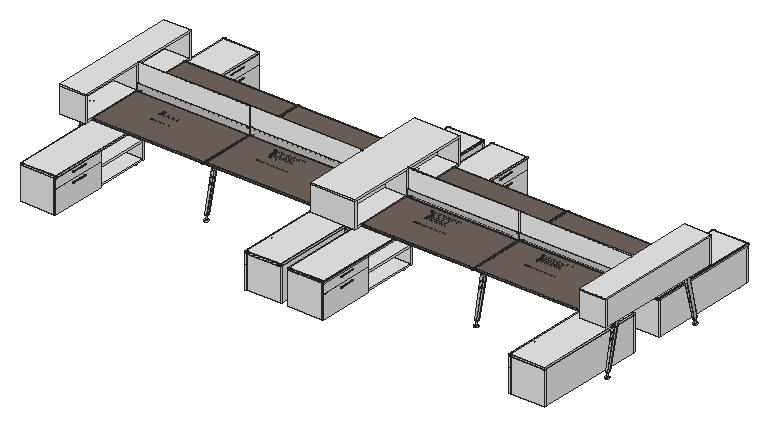
Revit family "T200005", category Furniture, Revit 2015 (continued)
Definition of nested family "OFS_ELEVEN-WORKSPACE_BASES_BENCHING_8-PERSON"
  Automatic sketch dimensions
    Extrusion 46 sketch curve to plane 6 "BASE HEIGHT" = 0.23622"
    Extrusion 46 sketch curve to Extrusion 46 sketch curve = 0.11811"
    Extrusion 46 sketch curve to Extrusion 46 sketch curve = 0.11874"  (x2)
    Extrusion 46 sketch curve to Extrusion 46 sketch curve = 1.24804"
    Extrusion 46 sketch curve to Extrusion 46 sketch curve = 0.00063"
    Extrusion 46 sketch curve to Extrusion 46 sketch curve = 0.23622"
    Extrusion 47 sketch curve to plane 6 "BASE HEIGHT" = 0"
    Extrusion 47 sketch curve to plane 19 = 0"  (x2)
    Extrusion 47 sketch curve to plane 19 = 0.06856"  (x2)
    Extrusion 47 sketch curve to Extrusion 47 sketch curve = 0.07831"  (x2)
    Extrusion 47 sketch curve to Extrusion 47 sketch curve = 0.07203"  (x2)
    Extrusion 47 sketch curve to Extrusion 47 sketch curve = 0.10542"  (x2)
    Extrusion 47 sketch curve to Extrusion 47 sketch curve = 0.19602"  (x2)
    plane 19 to Extrusion 47 sketch curve = 0.2436"  (x2)
    Extrusion 47 sketch curve to plane 6 "BASE HEIGHT" = 0.23622"
    Extrusion 47 sketch curve to Extrusion 47 sketch curve = 0.11811"
    Extrusion 47 sketch curve to Extrusion 47 sketch curve = 0.11874"  (x2)
    Extrusion 47 sketch curve to Extrusion 47 sketch curve = 1.24804"
    Extrusion 47 sketch curve to Extrusion 47 sketch curve = 0.00063"
    Extrusion 47 sketch curve to Extrusion 47 sketch curve = 0.23622"
    Extrusion 48 sketch curve to plane 6 "BASE HEIGHT" = 0"
    Extrusion 48 sketch curve to plane 12 = 0.85595"  (x2)
    Extrusion 48 sketch curve to Extrusion 48 sketch curve = 0.01829"  (x2)
    Extrusion 48 sketch curve to Extrusion 48 sketch curve = 0.10572"  (x2)
    Extrusion 48 sketch curve to Extrusion 48 sketch curve = 0.10902"  (x2)
    Extrusion 48 sketch curve to Extrusion 48 sketch curve = 0.06491"  (x2)
    Extrusion 48 sketch curve to Extrusion 48 sketch curve = 0.06821"  (x5)
    Extrusion 48 sketch curve to Extrusion 48 sketch curve = 0.08212"  (x4)
    plane 12 to Extrusion 48 sketch curve = 0.5134"
    plane 6 "BASE HEIGHT" to Extrusion 48 sketch curve = 0.23622"
    Extrusion 48 sketch curve to Extrusion 48 sketch curve = 0.19221"  (x2)
    Extrusion 48 sketch curve to Extrusion 48 sketch curve = 0.11241"  (x5)
    plane 6 "BASE HEIGHT" to Extrusion 48 sketch curve = 0.34863"
    Extrusion 48 sketch curve to Extrusion 48 sketch curve = 0"  (x2)
    Extrusion 48 sketch curve to Extrusion 48 sketch curve = 1.25499"
    Extrusion 48 sketch curve to Extrusion 48 sketch curve = 0.0057"  (x2)
    Extrusion 48 sketch curve to Extrusion 48 sketch curve = 0.23622"
    Extrusion 49 sketch curve to plane 6 "BASE HEIGHT" = 0"  (x2)
    Extrusion 49 sketch curve to plane 11 = 0.98586"
    Extrusion 49 sketch curve to Extrusion 49 sketch curve = 0.12991"  (x3)
    Extrusion 49 sketch curve to Extrusion 49 sketch curve = 0.01829"  (x2)
    Extrusion 49 sketch curve to plane 6 "BASE HEIGHT" = 0.34863"  (x2)
    Extrusion 49 sketch curve to Extrusion 49 sketch curve = 0.10572"  (x2)
    Extrusion 49 sketch curve to Extrusion 49 sketch curve = 0.10902"  (x2)
    Extrusion 49 sketch curve to Extrusion 49 sketch curve = 0.06821"  (x5)
    Extrusion 49 sketch curve to Extrusion 49 sketch curve = 0.06491"  (x2)
    Extrusion 49 sketch curve to Extrusion 49 sketch curve = 0.08212"  (x4)
    plane 11 to Extrusion 49 sketch curve = 0.5134"
    Extrusion 49 sketch curve to plane 6 "BASE HEIGHT" = 0.23622"
    Extrusion 49 sketch curve to Extrusion 49 sketch curve = 0.19221"  (x2)
    Extrusion 49 sketch curve to Extrusion 49 sketch curve = 0.11241"  (x2)
    Extrusion 49 sketch curve to Extrusion 49 sketch curve = 1.25499"
    Extrusion 49 sketch curve to Extrusion 49 sketch curve = 0"  (x2)
    Extrusion 49 sketch curve to Extrusion 49 sketch curve = 0.0057"  (x2)
    Extrusion 49 sketch curve to Extrusion 49 sketch curve = 0.11811"  (x2)
    Extrusion 49 sketch curve to Extrusion 49 sketch curve = 0.23622"
    Extrusion 49 sketch curve to Extrusion 49 sketch curve = 0.34863"
    Extrusion 50 sketch curve to plane 6 "BASE HEIGHT" = 0"
    plane 11 to Extrusion 50 sketch curve = 0.85595"  (x2)
    Extrusion 50 sketch curve to Extrusion 50 sketch curve = 0.01829"  (x2)
    Extrusion 50 sketch curve to Extrusion 50 sketch curve = 0.10572"  (x2)
    Extrusion 50 sketch curve to Extrusion 50 sketch curve = 0.10902"  (x2)
    Extrusion 50 sketch curve to Extrusion 50 sketch curve = 0.06491"  (x2)
    Extrusion 50 sketch curve to Extrusion 50 sketch curve = 0.06821"  (x5)
    Extrusion 50 sketch curve to Extrusion 50 sketch curve = 0.08212"  (x4)
    Extrusion 50 sketch curve to plane 11 = 0.5134"
    plane 6 "BASE HEIGHT" to Extrusion 50 sketch curve = 0.23622"
    Extrusion 50 sketch curve to Extrusion 50 sketch curve = 0.19221"  (x2)
    Extrusion 50 sketch curve to Extrusion 50 sketch curve = 0.11241"  (x5)
    plane 6 "BASE HEIGHT" to Extrusion 50 sketch curve = 0.34863"
    Extrusion 50 sketch curve to Extrusion 50 sketch curve = 0"  (x2)
    Extrusion 50 sketch curve to Extrusion 50 sketch curve = 1.25499"
    Extrusion 50 sketch curve to Extrusion 50 sketch curve = 0.0057"  (x2)
    Extrusion 50 sketch curve to Extrusion 50 sketch curve = 0.23622"
    Extrusion 51 sketch curve to plane 6 "BASE HEIGHT" = 0"
    Extrusion 51 sketch curve to plane 22 = 0"  (x2)
    Extrusion 51 sketch curve to plane 22 = 0.06856"  (x2)
    Extrusion 51 sketch curve to Extrusion 51 sketch curve = 0.07831"  (x2)
    Extrusion 51 sketch curve to Extrusion 51 sketch curve = 0.07203"  (x2)
    Extrusion 51 sketch curve to Extrusion 51 sketch curve = 0.10542"  (x2)
    Extrusion 51 sketch curve to Extrusion 51 sketch curve = 0.19602"  (x2)
    plane 22 to Extrusion 51 sketch curve = 0.2436"
    Extrusion 51 sketch curve to Extrusion 51 sketch curve = 0.2436"
    Extrusion 51 sketch curve to plane 6 "BASE HEIGHT" = 0.23622"
    Extrusion 51 sketch curve to Extrusion 51 sketch curve = 0.11811"
    Extrusion 51 sketch curve to Extrusion 51 sketch curve = 0.11874"  (x2)
    Extrusion 51 sketch curve to Extrusion 51 sketch curve = 1.24804"
    Extrusion 51 sketch curve to Extrusion 51 sketch curve = 0.00063"
    Extrusion 51 sketch curve to Extrusion 51 sketch curve = 0.23622"
    Extrusion 52 sketch curve to plane 6 "BASE HEIGHT" = 0"
    Extrusion 52 sketch curve to plane 19 = 0"  (x2)
    Extrusion 52 sketch curve to plane 19 = 0.06856"  (x2)
    Extrusion 52 sketch curve to Extrusion 52 sketch curve = 0.07831"  (x2)
    Extrusion 52 sketch curve to Extrusion 52 sketch curve = 0.07203"  (x2)
    Extrusion 52 sketch curve to Extrusion 52 sketch curve = 0.10542"  (x2)
    Extrusion 52 sketch curve to Extrusion 52 sketch curve = 0.19602"  (x2)
    plane 19 to Extrusion 52 sketch curve = 0.2436"
    Extrusion 52 sketch curve to Extrusion 52 sketch curve = 0.2436"
    Extrusion 52 sketch curve to plane 6 "BASE HEIGHT" = 0.23622"
    Extrusion 52 sketch curve to Extrusion 52 sketch curve = 0.11811"
    Extrusion 52 sketch curve to Extrusion 52 sketch curve = 0.11874"  (x2)
    Extrusion 52 sketch curve to Extrusion 52 sketch curve = 1.24804"
    Extrusion 52 sketch curve to Extrusion 52 sketch curve = 0.00063"
    Extrusion 52 sketch curve to Extrusion 52 sketch curve = 0.23622"
    Extrusion 53 sketch curve to plane 6 "BASE HEIGHT" = 0"
    Extrusion 53 sketch curve to plane 11 = 0.85595"  (x2)
    Extrusion 53 sketch curve to Extrusion 53 sketch curve = 0.01829"  (x2)
    Extrusion 53 sketch curve to Extrusion 53 sketch curve = 0.10572"  (x2)
    Extrusion 53 sketch curve to Extrusion 53 sketch curve = 0.10902"  (x2)
    Extrusion 53 sketch curve to Extrusion 53 sketch curve = 0.06491"  (x2)
    Extrusion 53 sketch curve to Extrusion 53 sketch curve = 0.06821"  (x5)
    Extrusion 53 sketch curve to Extrusion 53 sketch curve = 0.08212"  (x4)
    plane 11 to Extrusion 53 sketch curve = 0.5134"
    Extrusion 53 sketch curve to plane 6 "BASE HEIGHT" = 0.23622"
    Extrusion 53 sketch curve to Extrusion 53 sketch curve = 0.19221"  (x2)
    Extrusion 53 sketch curve to Extrusion 53 sketch curve = 0.11241"  (x5)
    Extrusion 53 sketch curve to plane 6 "BASE HEIGHT" = 0.34863"
    Extrusion 53 sketch curve to Extrusion 53 sketch curve = 0"  (x2)
    Extrusion 53 sketch curve to Extrusion 53 sketch curve = 1.25499"
    Extrusion 53 sketch curve to Extrusion 53 sketch curve = 0.0057"  (x2)
    Extrusion 53 sketch curve to Extrusion 53 sketch curve = 0.23622"
    Extrusion 54 sketch curve to plane 6 "BASE HEIGHT" = 0"  (x2)
    Extrusion 54 sketch curve to plane 13 = 0.98586"
    Extrusion 54 sketch curve to Extrusion 54 sketch curve = 0.12991"  (x3)
    Extrusion 54 sketch curve to Extrusion 54 sketch curve = 0.01829"  (x2)
    Extrusion 54 sketch curve to plane 6 "BASE HEIGHT" = 0.34863"  (x2)
    Extrusion 54 sketch curve to Extrusion 54 sketch curve = 0.10572"  (x2)
    Extrusion 54 sketch curve to Extrusion 54 sketch curve = 0.10902"  (x2)
    Extrusion 54 sketch curve to Extrusion 54 sketch curve = 0.06821"  (x5)
    Extrusion 54 sketch curve to Extrusion 54 sketch curve = 0.06491"  (x2)
    Extrusion 54 sketch curve to Extrusion 54 sketch curve = 0.08212"  (x4)
    plane 13 to Extrusion 54 sketch curve = 0.5134"
    Extrusion 54 sketch curve to plane 6 "BASE HEIGHT" = 0.23622"
    Extrusion 54 sketch curve to Extrusion 54 sketch curve = 0.19221"  (x2)
    Extrusion 54 sketch curve to Extrusion 54 sketch curve = 0.11241"  (x2)
    Extrusion 54 sketch curve to Extrusion 54 sketch curve = 1.25499"
    Extrusion 54 sketch curve to Extrusion 54 sketch curve = 0"  (x2)
    Extrusion 54 sketch curve to Extrusion 54 sketch curve = 0.0057"  (x2)
    Extrusion 54 sketch curve to Extrusion 54 sketch curve = 0.11811"  (x2)
    Extrusion 54 sketch curve to Extrusion 54 sketch curve = 0.23622"
    Extrusion 54 sketch curve to Extrusion 54 sketch curve = 0.34863"
    Extrusion 55 sketch curve to plane 6 "BASE HEIGHT" = 0"
    plane 13 to Extrusion 55 sketch curve = 0.85595"  (x2)
    Extrusion 55 sketch curve to Extrusion 55 sketch curve = 0.01829"  (x2)
    Extrusion 55 sketch curve to Extrusion 55 sketch curve = 0.10572"  (x2)
    Extrusion 55 sketch curve to Extrusion 55 sketch curve = 0.10902"  (x2)
    Extrusion 55 sketch curve to Extrusion 55 sketch curve = 0.06491"  (x2)
    Extrusion 55 sketch curve to Extrusion 55 sketch curve = 0.06821"  (x5)
    Extrusion 55 sketch curve to Extrusion 55 sketch curve = 0.08212"  (x4)
    Extrusion 55 sketch curve to plane 13 = 0.5134"
    plane 6 "BASE HEIGHT" to Extrusion 55 sketch curve = 0.23622"
    Extrusion 55 sketch curve to Extrusion 55 sketch curve = 0.19221"  (x2)
    Extrusion 55 sketch curve to Extrusion 55 sketch curve = 0.11241"  (x5)
    plane 6 "BASE HEIGHT" to Extrusion 55 sketch curve = 0.34863"
    Extrusion 55 sketch curve to Extrusion 55 sketch curve = 0"  (x2)
    Extrusion 55 sketch curve to Extrusion 55 sketch curve = 1.25499"
    Extrusion 55 sketch curve to Extrusion 55 sketch curve = 0.0057"  (x2)
    Extrusion 55 sketch curve to Extrusion 55 sketch curve = 0.23622"
    Extrusion 56 sketch curve to plane 6 "BASE HEIGHT" = 0"
    Extrusion 56 sketch curve to plane 22 = 0"  (x2)
    Extrusion 56 sketch curve to plane 22 = 0.06856"  (x2)
    Extrusion 56 sketch curve to Extrusion 56 sketch curve = 0.07831"  (x2)
    Extrusion 56 sketch curve to Extrusion 56 sketch curve = 0.07203"  (x2)
    Extrusion 56 sketch curve to Extrusion 56 sketch curve = 0.10542"  (x2)
    Extrusion 56 sketch curve to Extrusion 56 sketch curve = 0.19602"  (x2)
    plane 22 to Extrusion 56 sketch curve = 0.2436"
    Extrusion 56 sketch curve to Extrusion 56 sketch curve = 0.2436"
    Extrusion 56 sketch curve to plane 6 "BASE HEIGHT" = 0.23622"
    Extrusion 56 sketch curve to Extrusion 56 sketch curve = 0.11811"
    Extrusion 56 sketch curve to Extrusion 56 sketch curve = 0.11874"  (x2)
    Extrusion 56 sketch curve to Extrusion 56 sketch curve = 1.24804"
    Extrusion 56 sketch curve to Extrusion 56 sketch curve = 0.00063"
    Extrusion 56 sketch curve to Extrusion 56 sketch curve = 0.23622"
    Extrusion 57 sketch curve to plane 6 "BASE HEIGHT" = 0"
    Extrusion 57 sketch curve to plane 19 = 0"  (x2)
    Extrusion 57 sketch curve to plane 19 = 0.06856"  (x2)
    Extrusion 57 sketch curve to Extrusion 57 sketch curve = 0.07831"  (x2)
    Extrusion 57 sketch curve to Extrusion 57 sketch curve = 0.07203"  (x2)
    Extrusion 57 sketch curve to Extrusion 57 sketch curve = 0.10542"  (x2)
    Extrusion 57 sketch curve to Extrusion 57 sketch curve = 0.19602"  (x2)
    plane 19 to Extrusion 57 sketch curve = 0.2436"
    Extrusion 57 sketch curve to Extrusion 57 sketch curve = 0.2436"
    Extrusion 57 sketch curve to plane 6 "BASE HEIGHT" = 0.23622"
    Extrusion 57 sketch curve to Extrusion 57 sketch curve = 0.11811"
    Extrusion 57 sketch curve to Extrusion 57 sketch curve = 0.11874"  (x2)
    Extrusion 57 sketch curve to Extrusion 57 sketch curve = 1.24804"
    Extrusion 57 sketch curve to Extrusion 57 sketch curve = 0.00063"
    Extrusion 57 sketch curve to Extrusion 57 sketch curve = 0.23622"
    Extrusion 58 sketch curve to plane 6 "BASE HEIGHT" = 0"
    Extrusion 58 sketch curve to plane 13 = 0.85595"  (x2)
    Extrusion 58 sketch curve to Extrusion 58 sketch curve = 0.01829"  (x2)
    Extrusion 58 sketch curve to Extrusion 58 sketch curve = 0.10572"  (x2)
    Extrusion 58 sketch curve to Extrusion 58 sketch curve = 0.10902"  (x2)
    Extrusion 58 sketch curve to Extrusion 58 sketch curve = 0.06491"  (x2)
    Extrusion 58 sketch curve to Extrusion 58 sketch curve = 0.06821"  (x5)
    Extrusion 58 sketch curve to Extrusion 58 sketch curve = 0.08212"  (x4)
    plane 13 to Extrusion 58 sketch curve = 0.5134"
    Extrusion 58 sketch curve to plane 6 "BASE HEIGHT" = 0.23622"
    Extrusion 58 sketch curve to Extrusion 58 sketch curve = 0.19221"  (x2)
    Extrusion 58 sketch curve to Extrusion 58 sketch curve = 0.11241"  (x5)
    Extrusion 58 sketch curve to plane 6 "BASE HEIGHT" = 0.34863"
    Extrusion 58 sketch curve to Extrusion 58 sketch curve = 0"  (x2)
    Extrusion 58 sketch curve to Extrusion 58 sketch curve = 1.25499"
    Extrusion 58 sketch curve to Extrusion 58 sketch curve = 0.0057"  (x2)
    Extrusion 58 sketch curve to Extrusion 58 sketch curve = 0.23622"
    Extrusion 59 sketch curve to plane 6 "BASE HEIGHT" = 0"
    plane 11 to Extrusion 59 sketch curve = 0.85595"  (x2)
    Extrusion 59 sketch curve to Extrusion 59 sketch curve = 0.01829"  (x2)
    Extrusion 59 sketch curve to Extrusion 59 sketch curve = 0.10572"  (x2)
    Extrusion 59 sketch curve to Extrusion 59 sketch curve = 0.10902"  (x2)
    Extrusion 59 sketch curve to Extrusion 59 sketch curve = 0.06491"  (x2)
    Extrusion 59 sketch curve to Extrusion 59 sketch curve = 0.06821"  (x5)
    Extrusion 59 sketch curve to Extrusion 59 sketch curve = 0.08212"  (x4)
    Extrusion 59 sketch curve to plane 11 = 0.5134"
    Extrusion 59 sketch curve to plane 6 "BASE HEIGHT" = 0.23622"  (x2)
    Extrusion 59 sketch curve to Extrusion 59 sketch curve = 0.19221"  (x2)
    Extrusion 59 sketch curve to Extrusion 59 sketch curve = 0.11241"  (x5)
    Extrusion 59 sketch curve to Extrusion 59 sketch curve = 1.25499"
    Extrusion 59 sketch curve to Extrusion 59 sketch curve = 0"
    Extrusion 59 sketch curve to Extrusion 59 sketch curve = 0.0057"  (x2)
    Extrusion 59 sketch curve to Extrusion 59 sketch curve = 0.11811"
    Extrusion 59 sketch curve to Extrusion 59 sketch curve = 0.23622"
    plane 1 "Center Front/Back" to Extrusion 60 sketch curve = 0.59"
    plane 1 "Center Front/Back" to Extrusion 60 sketch curve = 0.31"
    Extrusion 60 sketch curve to Extrusion 60 sketch curve = 0.28"  (x2)
    Extrusion 60 sketch curve to plane 1 "Center Front/Back" = 0.31"  (x2)
    plane 11 to Extrusion 60 sketch curve = 0.825"
    Extrusion 60 sketch curve to plane 11 = 0.545"
    plane 1 "Center Front/Back" to Extrusion 61 sketch curve = 0.345"
    plane 1 "Center Front/Back" to Extrusion 61 sketch curve = 0.065"  (x2)
    Extrusion 61 sketch curve to plane 1 "Center Front/Back" = 0.065"  (x2)
    Extrusion 61 sketch curve to Extrusion 61 sketch curve = 0.28"
    plane 11 to Extrusion 61 sketch curve = 1.18"
    Extrusion 61 sketch curve to plane 11 = 0.90339"
    Extrusion 62 sketch curve to plane 6 "BASE HEIGHT" = 0"
    plane 13 to Extrusion 62 sketch curve = 0.85595"  (x2)
    Extrusion 62 sketch curve to Extrusion 62 sketch curve = 0.01829"  (x2)
    Extrusion 62 sketch curve to Extrusion 62 sketch curve = 0.10572"  (x2)
    Extrusion 62 sketch curve to Extrusion 62 sketch curve = 0.10902"  (x2)
    Extrusion 62 sketch curve to Extrusion 62 sketch curve = 0.06491"  (x2)
    Extrusion 62 sketch curve to Extrusion 62 sketch curve = 0.06821"  (x5)
    Extrusion 62 sketch curve to Extrusion 62 sketch curve = 0.08212"  (x4)
    Extrusion 62 sketch curve to plane 13 = 0.5134"
    Extrusion 62 sketch curve to plane 6 "BASE HEIGHT" = 0.23622"  (x2)
    Extrusion 62 sketch curve to Extrusion 62 sketch curve = 0.19221"  (x2)
    Extrusion 62 sketch curve to Extrusion 62 sketch curve = 0.11241"  (x5)
    Extrusion 62 sketch curve to Extrusion 62 sketch curve = 1.25499"
    Extrusion 62 sketch curve to Extrusion 62 sketch curve = 0"
    Extrusion 62 sketch curve to Extrusion 62 sketch curve = 0.0057"  (x2)
    Extrusion 62 sketch curve to Extrusion 62 sketch curve = 0.11811"
    Extrusion 62 sketch curve to Extrusion 62 sketch curve = 0.23622"
    plane 1 "Center Front/Back" to Extrusion 63 sketch curve = 0.59"
    plane 1 "Center Front/Back" to Extrusion 63 sketch curve = 0.31"
    Extrusion 63 sketch curve to Extrusion 63 sketch curve = 0.28"  (x2)
    Extrusion 63 sketch curve to plane 1 "Center Front/Back" = 0.31"  (x2)
    plane 13 to Extrusion 63 sketch curve = 0.825"
    Extrusion 63 sketch curve to plane 13 = 0.545"
    plane 1 "Center Front/Back" to Extrusion 64 sketch curve = 0.345"
    plane 1 "Center Front/Back" to Extrusion 64 sketch curve = 0.065"  (x2)
    Extrusion 64 sketch curve to plane 1 "Center Front/Back" = 0.065"  (x2)
    Extrusion 64 sketch curve to Extrusion 64 sketch curve = 0.28"
    plane 13 to Extrusion 64 sketch curve = 1.18"
    Extrusion 64 sketch curve to plane 13 = 0.90339"
    Extrusion 65 sketch curve to plane 6 "BASE HEIGHT" = 0"
    plane 12 to Extrusion 65 sketch curve = 0.85595"  (x2)
    Extrusion 65 sketch curve to Extrusion 65 sketch curve = 0.01829"  (x2)
    Extrusion 65 sketch curve to Extrusion 65 sketch curve = 0.10572"  (x2)
    Extrusion 65 sketch curve to Extrusion 65 sketch curve = 0.10902"  (x2)
    Extrusion 65 sketch curve to Extrusion 65 sketch curve = 0.06491"  (x2)
    Extrusion 65 sketch curve to Extrusion 65 sketch curve = 0.06821"  (x5)
    Extrusion 65 sketch curve to Extrusion 65 sketch curve = 0.08212"  (x4)
    Extrusion 65 sketch curve to plane 12 = 0.5134"
    Extrusion 65 sketch curve to plane 6 "BASE HEIGHT" = 0.23622"  (x2)
    Extrusion 65 sketch curve to Extrusion 65 sketch curve = 0.19221"  (x2)
    Extrusion 65 sketch curve to Extrusion 65 sketch curve = 0.11241"  (x5)
    Extrusion 65 sketch curve to Extrusion 65 sketch curve = 1.25499"
    Extrusion 65 sketch curve to Extrusion 65 sketch curve = 0"
    Extrusion 65 sketch curve to Extrusion 65 sketch curve = 0.0057"  (x2)
    Extrusion 65 sketch curve to Extrusion 65 sketch curve = 0.11811"
    Extrusion 65 sketch curve to Extrusion 65 sketch curve = 0.23622"
    plane 1 "Center Front/Back" to Extrusion 66 sketch curve = 0.59"
    plane 1 "Center Front/Back" to Extrusion 66 sketch curve = 0.31"
    Extrusion 66 sketch curve to Extrusion 66 sketch curve = 0.28"  (x2)
    Extrusion 66 sketch curve to plane 1 "Center Front/Back" = 0.31"  (x2)
    plane 12 to Extrusion 66 sketch curve = 0.825"
    Extrusion 66 sketch curve to plane 12 = 0.545"
    plane 1 "Center Front/Back" to Extrusion 67 sketch curve = 0.345"
    plane 1 "Center Front/Back" to Extrusion 67 sketch curve = 0.065"  (x2)
    Extrusion 67 sketch curve to plane 1 "Center Front/Back" = 0.065"  (x2)
    Extrusion 67 sketch curve to Extrusion 67 sketch curve = 0.28"
    plane 12 to Extrusion 67 sketch curve = 1.18"
    Extrusion 67 sketch curve to plane 12 = 0.90339"
    Extrusion 68 sketch curve to plane 6 "BASE HEIGHT" = 0"
    Extrusion 68 sketch curve to plane 10 = 0.85595"  (x2)
    Extrusion 68 sketch curve to Extrusion 68 sketch curve = 0.01829"  (x2)
    Extrusion 68 sketch curve to Extrusion 68 sketch curve = 0.10572"  (x2)
    Extrusion 68 sketch curve to Extrusion 68 sketch curve = 0.10902"  (x2)
    Extrusion 68 sketch curve to Extrusion 68 sketch curve = 0.06491"  (x2)
    Extrusion 68 sketch curve to Extrusion 68 sketch curve = 0.06821"  (x5)
    Extrusion 68 sketch curve to Extrusion 68 sketch curve = 0.08212"  (x4)
    plane 25 to Extrusion 68 sketch curve = 0.47246"
    plane 25 to Extrusion 68 sketch curve = 0.12991"  (x2)
    Extrusion 68 sketch curve to plane 6 "BASE HEIGHT" = 0.23622"  (x2)
    Extrusion 68 sketch curve to Extrusion 68 sketch curve = 0.11241"  (x5)
    Extrusion 68 sketch curve to Extrusion 68 sketch curve = 1.25499"
    Extrusion 68 sketch curve to Extrusion 68 sketch curve = 0"
    Extrusion 68 sketch curve to Extrusion 68 sketch curve = 0.0057"  (x2)
    Extrusion 68 sketch curve to Extrusion 68 sketch curve = 0.11811"
    Extrusion 68 sketch curve to Extrusion 68 sketch curve = 0.23622"
    plane 1 "Center Front/Back" to Extrusion 69 sketch curve = 0.59"
    plane 1 "Center Front/Back" to Extrusion 69 sketch curve = 0.31"
    Extrusion 69 sketch curve to Extrusion 69 sketch curve = 0.28"  (x2)
    Extrusion 69 sketch curve to plane 1 "Center Front/Back" = 0.31"  (x2)
    Extrusion 69 sketch curve to plane 10 = 0.825"
    plane 25 to Extrusion 69 sketch curve = 0.44086"
    plane 25 to Extrusion 70 sketch curve = 0.08247"  (x2)
    plane 1 "Center Front/Back" to Extrusion 70 sketch curve = 0.345"
    plane 1 "Center Front/Back" to Extrusion 70 sketch curve = 0.065"  (x2)
    Extrusion 70 sketch curve to plane 1 "Center Front/Back" = 0.065"  (x2)
    Extrusion 70 sketch curve to plane 10 = 0.9"
    plane 1 "Center Front/Back" to Extrusion 71 sketch curve = 0.59063"
    Extrusion 71 sketch curve to Extrusion 71 sketch curve = 0.03689"
    Extrusion 71 sketch curve to Extrusion 71 sketch curve = 0.0374"  (x2)
    Extrusion 71 sketch curve to Extrusion 71 sketch curve = 0.05628"  (x2)
    Extrusion 71 sketch curve to Extrusion 71 sketch curve = 0.03867"  (x2)
    Extrusion 71 sketch curve to Extrusion 71 sketch curve = 0.0064"  (x2)
    Extrusion 71 sketch curve to Extrusion 71 sketch curve = 0.04018"  (x2)
    Extrusion 71 sketch curve to plane 1 "Center Front/Back" = 0.41221"
    Extrusion 71 sketch curve to plane 1 "Center Front/Back" = 0.55324"
    plane 6 "BASE HEIGHT" to Extrusion 71 sketch curve = 0.20214"
    Extrusion 71 sketch curve to Extrusion 71 sketch curve = 3.70276"
    Extrusion 71 sketch curve to Extrusion 71 sketch curve = 0.03813"  (x2)
    Extrusion 71 sketch curve to Extrusion 71 sketch curve = 0.12"  (x2)
    Extrusion 71 sketch curve to Extrusion 71 sketch curve = 0.00183"  (x2)
    plane 1 "Center Front/Back" to Extrusion 72 sketch curve = 0.59063"
    Extrusion 72 sketch curve to Extrusion 72 sketch curve = 0.03689"
    Extrusion 72 sketch curve to Extrusion 72 sketch curve = 0.0374"  (x2)
    Extrusion 72 sketch curve to Extrusion 72 sketch curve = 0.05628"  (x2)
    Extrusion 72 sketch curve to Extrusion 72 sketch curve = 0.03867"  (x2)
    Extrusion 72 sketch curve to Extrusion 72 sketch curve = 0.0064"  (x2)
    Extrusion 72 sketch curve to Extrusion 72 sketch curve = 0.04018"  (x2)
    Extrusion 72 sketch curve to plane 1 "Center Front/Back" = 0.41221"
    Extrusion 72 sketch curve to plane 1 "Center Front/Back" = 0.55324"
    plane 6 "BASE HEIGHT" to Extrusion 72 sketch curve = 0.20214"
    Extrusion 72 sketch curve to Extrusion 72 sketch curve = 3.70276"
    Extrusion 72 sketch curve to Extrusion 72 sketch curve = 0.03813"  (x2)
    Extrusion 72 sketch curve to Extrusion 72 sketch curve = 0.12"  (x2)
    Extrusion 72 sketch curve to Extrusion 72 sketch curve = 0.00183"  (x2)
    Masking region 1 sketch curve to plane 20 = 0"
    Masking region 1 sketch curve to plane 3 "Center Left/Right" = 0"
    Masking region 1 sketch curve to plane 23 = 0.45097"
    Masking region 1 sketch curve to Masking region 1 sketch curve = 0.04886"  (x3)
    Masking region 1 sketch curve to plane 23 = 0.00155"
    Masking region 1 sketch curve to plane 24 = 0.45097"
    Masking region 1 sketch curve to plane 24 = 0.00155"
    plane 22 to Masking region 1 sketch curve = 0.2548"
    plane 8 "FRONT" to Masking region 1 sketch curve = 1.53185"
    Masking region 1 sketch curve to Masking region 1 sketch curve = 0"
    Masking region 2 sketch curve to Masking region 2 sketch curve = 0"  (x4)
    Masking region 2 sketch curve to plane 3 "Center Left/Right" = 0"  (x2)
    plane 3 "Center Left/Right" to Masking region 2 sketch curve = 0.3067"
    Masking region 2 sketch curve to Masking region 2 sketch curve = 0.2282"  (x2)
    Masking region 2 sketch curve to Masking region 2 sketch curve = 0.04886"  (x3)
    Masking region 2 sketch curve to plane 23 = 0.35526"
    Masking region 2 sketch curve to plane 3 "Center Left/Right" = 0.3067"
    Masking region 2 sketch curve to plane 24 = 0.35526"
    plane 22 to Masking region 2 sketch curve = 0.2548"
    plane 8 "FRONT" to Masking region 2 sketch curve = 2.42572"
    Masking region 2 sketch curve to Masking region 2 sketch curve = 0.85439"
    Masking region 2 sketch curve to Masking region 2 sketch curve = 0.03947"  (x2)
    Masking region 3 sketch curve to plane 20 = 0"
    Masking region 3 sketch curve to plane 23 = 0"
    plane 17 to Masking region 3 sketch curve = 0"
    Masking region 3 sketch curve to plane 24 = 0"
    Masking region 4 sketch curve to plane 3 "Center Left/Right" = 0"
    plane 17 to Masking region 4 sketch curve = 0"
    plane 19 to Masking region 4 sketch curve = 0.2548"
    Masking region 4 sketch curve to plane 24 = 0.40211"
    plane 7 "BACK" to Masking region 4 sketch curve = 1.53185"
    Masking region 4 sketch curve to plane 23 = 0.40211"
    Masking region 4 sketch curve to Masking region 4 sketch curve = 0"
    Masking region 4 sketch curve to Masking region 4 sketch curve = 0.04886"  (x3)
    Masking region 4 sketch curve to plane 23 = 0.00155"
    Masking region 4 sketch curve to plane 24 = 0.00155"
    Masking region 5 sketch curve to Masking region 5 sketch curve = 0"  (x4)
    Masking region 5 sketch curve to plane 3 "Center Left/Right" = 0"  (x2)
    plane 19 to Masking region 5 sketch curve = 0.2548"
    Masking region 5 sketch curve to plane 23 = 0.35526"
    plane 7 "BACK" to Masking region 5 sketch curve = 2.42572"
    Masking region 5 sketch curve to plane 24 = 0.35526"
    Masking region 5 sketch curve to Masking region 5 sketch curve = 0.85439"
    Masking region 5 sketch curve to plane 24 = 0.40211"
    Masking region 5 sketch curve to Masking region 5 sketch curve = 0.03947"  (x2)
    Masking region 5 sketch curve to plane 23 = 0.40211"
    Masking region 5 sketch curve to plane 24 = 0.45097"
    Masking region 5 sketch curve to Masking region 5 sketch curve = 0.04886"  (x2)
    Masking region 5 sketch curve to plane 23 = 0.45097"
    Masking region 5 sketch curve to Masking region 5 sketch curve = 0.01034"
    Masking region 6 sketch curve to plane 20 = 0"
    Masking region 6 sketch curve to plane 10 = 0"
    Masking region 6 sketch curve to plane 10 = 0.53489"
    Masking region 6 sketch curve to Masking region 6 sketch curve = 0.04886"  (x3)
    Masking region 6 sketch curve to plane 5 "RIGHT" = 0.97568"
    plane 25 to Masking region 6 sketch curve = 0.45097"
    plane 25 to Masking region 6 sketch curve = 0.00155"
    plane 22 to Masking region 6 sketch curve = 0.2548"
    plane 8 "FRONT" to Masking region 6 sketch curve = 1.53185"
    Masking region 6 sketch curve to Masking region 6 sketch curve = 0"
    Masking region 7 sketch curve to Masking region 7 sketch curve = 0"  (x4)
    Masking region 7 sketch curve to plane 10 = 0"  (x2)
    Masking region 7 sketch curve to plane 10 = 0.3067"
    Masking region 7 sketch curve to Masking region 7 sketch curve = 0.2282"  (x2)
    Masking region 7 sketch curve to Masking region 7 sketch curve = 0.04886"  (x3)
    Masking region 7 sketch curve to plane 10 = 0.6306"
    plane 10 to Masking region 7 sketch curve = 0.3067"
    plane 25 to Masking region 7 sketch curve = 0.35526"
    plane 22 to Masking region 7 sketch curve = 0.2548"
    plane 8 "FRONT" to Masking region 7 sketch curve = 2.42572"
    Masking region 7 sketch curve to Masking region 7 sketch curve = 0.85439"
    Masking region 7 sketch curve to Masking region 7 sketch curve = 0.03947"  (x2)
    Masking region 8 sketch curve to plane 20 = 0"
    plane 17 to Masking region 8 sketch curve = 0"
    Masking region 8 sketch curve to plane 25 = 0"
    Masking region 8 sketch curve to plane 5 "RIGHT" = 0.97414"
    Masking region 9 sketch curve to plane 10 = 0"
    plane 17 to Masking region 9 sketch curve = 0"
    plane 19 to Masking region 9 sketch curve = 0.2548"
    plane 25 to Masking region 9 sketch curve = 0.40211"
    plane 7 "BACK" to Masking region 9 sketch curve = 1.53185"
    Masking region 9 sketch curve to plane 10 = 0.58376"
    Masking region 9 sketch curve to Masking region 9 sketch curve = 0"
    Masking region 9 sketch curve to Masking region 9 sketch curve = 0.04886"  (x3)
    Masking region 9 sketch curve to plane 5 "RIGHT" = 0.97568"
    plane 25 to Masking region 9 sketch curve = 0.00155"
    Masking region 10 sketch curve to Masking region 10 sketch curve = 0"  (x4)
    Masking region 10 sketch curve to plane 10 = 0"  (x2)
    plane 19 to Masking region 10 sketch curve = 0.2548"
    Masking region 10 sketch curve to plane 10 = 0.6306"
    plane 7 "BACK" to Masking region 10 sketch curve = 2.42572"
    plane 25 to Masking region 10 sketch curve = 0.35526"
    Masking region 10 sketch curve to Masking region 10 sketch curve = 0.85439"
    plane 25 to Masking region 10 sketch curve = 0.40211"
    Masking region 10 sketch curve to Masking region 10 sketch curve = 0.03947"  (x2)
    Masking region 10 sketch curve to plane 10 = 0.58376"
    plane 25 to Masking region 10 sketch curve = 0.45097"
    Masking region 10 sketch curve to Masking region 10 sketch curve = 0.04886"  (x2)
    Masking region 10 sketch curve to plane 10 = 0.53489"
    Masking region 10 sketch curve to Masking region 10 sketch curve = 0.01034"
    Masking region 11 sketch curve to plane 20 = 0"
    Masking region 11 sketch curve to plane 9 = 0"
    Masking region 11 sketch curve to plane 9 = 0.53489"
    Masking region 11 sketch curve to Masking region 11 sketch curve = 0.04886"  (x3)
    plane 4 "LEFT" to Masking region 11 sketch curve = 0.97568"
    plane 26 to Masking region 11 sketch curve = 0.45097"
    plane 26 to Masking region 11 sketch curve = 0.00155"
    plane 8 "FRONT" to Masking region 11 sketch curve = 1.53185"
    Masking region 11 sketch curve to Masking region 11 sketch curve = 0"
    plane 22 to Masking region 11 sketch curve = 0.2548"
    Masking region 12 sketch curve to Masking region 12 sketch curve = 0"  (x4)
    Masking region 12 sketch curve to plane 9 = 0"  (x2)
    Masking region 12 sketch curve to plane 9 = 0.3067"
    Masking region 12 sketch curve to Masking region 12 sketch curve = 0.2282"  (x2)
    Masking region 12 sketch curve to Masking region 12 sketch curve = 0.04886"  (x4)
    Masking region 12 sketch curve to plane 9 = 0.6306"
    plane 9 to Masking region 12 sketch curve = 0.3067"
    plane 26 to Masking region 12 sketch curve = 0.35526"
    plane 8 "FRONT" to Masking region 12 sketch curve = 1 121/256"
    Masking region 12 sketch curve to Masking region 12 sketch curve = 0.01034"
    Masking region 12 sketch curve to Masking region 12 sketch curve = 0.09867"
    Masking region 12 sketch curve to Masking region 12 sketch curve = 0.89386"
    Masking region 13 sketch curve to plane 20 = 0"
    plane 17 to Masking region 13 sketch curve = 0"
    Masking region 13 sketch curve to plane 26 = 0"
    plane 4 "LEFT" to Masking region 13 sketch curve = 0.97414"
    plane 17 to Masking region 14 sketch curve = 0"
    Masking region 14 sketch curve to plane 9 = 0"
    Masking region 14 sketch curve to plane 9 = 0.58376"
    plane 7 "BACK" to Masking region 14 sketch curve = 1.53185"
    plane 26 to Masking region 14 sketch curve = 0.40211"
    Masking region 14 sketch curve to Masking region 14 sketch curve = 0"
    plane 26 to Masking region 14 sketch curve = 0.45097"
    Masking region 14 sketch curve to Masking region 14 sketch curve = 0.04886"
    Masking region 14 sketch curve to plane 9 = 0.53489"
    plane 19 to Masking region 14 sketch curve = 0.2548"
    plane 4 "LEFT" to Masking region 14 sketch curve = 0.97568"
    plane 26 to Masking region 14 sketch curve = 0.00155"
    Masking region 15 sketch curve to Masking region 15 sketch curve = 0"  (x4)
    Masking region 15 sketch curve to plane 9 = 0"  (x2)
    Masking region 15 sketch curve to plane 9 = 0.3067"
    plane 7 "BACK" to Masking region 15 sketch curve = 1 121/256"
    plane 9 to Masking region 15 sketch curve = 0.3067"
    Masking region 15 sketch curve to Masking region 15 sketch curve = 0.01034"  (x2)
    Masking region 15 sketch curve to plane 9 = 0.58376"
    Masking region 15 sketch curve to Masking region 15 sketch curve = 0.04886"  (x2)
    plane 26 to Masking region 15 sketch curve = 0.40211"
    Masking region 15 sketch curve to Masking region 15 sketch curve = 0.09867"
    plane 26 to Masking region 15 sketch curve = 0.35526"
    Masking region 15 sketch curve to Masking region 15 sketch curve = 0.89386"
    Masking region 15 sketch curve to plane 9 = 0.6306"
    plane 19 to Masking region 15 sketch curve = 0.2548"
    plane 19 to Masking region 16 sketch curve = 0"
    Masking region 16 sketch curve to plane 26 = 0"
    plane 18 to Masking region 16 sketch curve = 0"
    Masking region 16 sketch curve to plane 31 = 0"
    plane 19 to Masking region 17 sketch curve = 0"
    plane 18 to Masking region 17 sketch curve = 0"
    Masking region 17 sketch curve to plane 25 = 0"
    Masking region 17 sketch curve to plane 33 = 0"
    Masking region 18 sketch curve to plane 22 = 0"
    Masking region 18 sketch curve to plane 21 = 0"
    Masking region 18 sketch curve to plane 26 = 0"
    Masking region 18 sketch curve to plane 31 = 0"
    Masking region 19 sketch curve to plane 22 = 0"
    Masking region 19 sketch curve to plane 25 = 0"
    Masking region 19 sketch curve to plane 21 = 0"
    Masking region 19 sketch curve to plane 33 = 0"
    plane 19 to Masking region 20 sketch curve = 0"
    Masking region 20 sketch curve to plane 22 = 0"
    plane 15 to Masking region 20 sketch curve = 0.98586"
    Masking region 20 sketch curve to plane 15 = 0.98586"
    plane 19 to Masking region 21 sketch curve = 0"
    Masking region 21 sketch curve to plane 22 = 0"
    plane 16 to Masking region 21 sketch curve = 0.98586"
    Masking region 21 sketch curve to plane 16 = 0.98586"
    plane 19 to Masking region 22 sketch curve = 0"
    Masking region 22 sketch curve to plane 22 = 0"
    plane 14 to Masking region 22 sketch curve = 0.98586"
    Masking region 22 sketch curve to plane 14 = 0.98586"
    plane 19 to Masking region 23 sketch curve = 0"
    Masking region 23 sketch curve to plane 22 = 0"
    Masking region 23 sketch curve to plane 11 = 0.98586"
    plane 11 to Masking region 23 sketch curve = 0.98586"
    plane 19 to Masking region 24 sketch curve = 0"
    Masking region 24 sketch curve to plane 22 = 0"
    Masking region 24 sketch curve to plane 13 = 0.98586"
    plane 13 to Masking region 24 sketch curve = 0.98586"
    plane 19 to Masking region 25 sketch curve = 0"
    Masking region 25 sketch curve to plane 22 = 0"
    Masking region 25 sketch curve to plane 12 = 0.98586"
    plane 12 to Masking region 25 sketch curve = 0.98586"
    Masking region 26 sketch curve to plane 27 = 0"
    Masking region 26 sketch curve to plane 4 "LEFT" = 0"
    plane 1 "Center Front/Back" to Masking region 26 sketch curve = 0.59063"
    Masking region 26 sketch curve to plane 1 "Center Front/Back" = 0.59063"
    Masking region 27 sketch curve to plane 5 "RIGHT" = 0"
    Masking region 27 sketch curve to plane 28 = 0"
    plane 1 "Center Front/Back" to Masking region 27 sketch curve = 0.59063"
    Masking region 27 sketch curve to plane 1 "Center Front/Back" = 0.59063"
    Extrusion 73 sketch curve to plane 6 "BASE HEIGHT" = 0"
    plane 31 to Extrusion 73 sketch curve = 0.12991"  (x2)
    plane 31 to Extrusion 73 sketch curve = 0.1482"  (x2)
    Extrusion 73 sketch curve to Extrusion 73 sketch curve = 0.10572"  (x2)
    Extrusion 73 sketch curve to Extrusion 73 sketch curve = 0.10902"  (x2)
    Extrusion 73 sketch curve to Extrusion 73 sketch curve = 0.06491"  (x2)
    Extrusion 73 sketch curve to Extrusion 73 sketch curve = 0.06821"  (x5)
    Extrusion 73 sketch curve to Extrusion 73 sketch curve = 0.08212"  (x4)
    plane 30 to Extrusion 73 sketch curve = 0.47246"
    plane 30 to Extrusion 73 sketch curve = 0.12991"  (x2)
    plane 6 "BASE HEIGHT" to Extrusion 73 sketch curve = 0.23622"  (x2)
    Extrusion 73 sketch curve to Extrusion 73 sketch curve = 0.11241"  (x6)
    Extrusion 73 sketch curve to Extrusion 73 sketch curve = 1.25499"
    Extrusion 73 sketch curve to Extrusion 73 sketch curve = 0"
    Extrusion 73 sketch curve to Extrusion 73 sketch curve = 0.0057"  (x2)
    Extrusion 73 sketch curve to Extrusion 73 sketch curve = 0.23622"
    Extrusion 74 sketch curve to plane 6 "BASE HEIGHT" = 0"
    Extrusion 74 sketch curve to plane 31 = 0.12991"  (x2)
    Extrusion 74 sketch curve to plane 31 = 0.1482"  (x2)
    Extrusion 74 sketch curve to Extrusion 74 sketch curve = 0.10572"  (x2)
    Extrusion 74 sketch curve to Extrusion 74 sketch curve = 0.10902"  (x2)
    Extrusion 74 sketch curve to Extrusion 74 sketch curve = 0.06491"  (x2)
    Extrusion 74 sketch curve to Extrusion 74 sketch curve = 0.06821"  (x5)
    Extrusion 74 sketch curve to Extrusion 74 sketch curve = 0.08212"  (x4)
    Extrusion 74 sketch curve to plane 30 = 0.47246"
    Extrusion 74 sketch curve to plane 30 = 0.12991"  (x2)
    Extrusion 74 sketch curve to plane 6 "BASE HEIGHT" = 0.23622"  (x2)
    Extrusion 74 sketch curve to Extrusion 74 sketch curve = 0.11241"  (x6)
    Extrusion 74 sketch curve to Extrusion 74 sketch curve = 1.25499"
    Extrusion 74 sketch curve to Extrusion 74 sketch curve = 0"
    Extrusion 74 sketch curve to Extrusion 74 sketch curve = 0.0057"  (x2)
    Extrusion 74 sketch curve to Extrusion 74 sketch curve = 0.23622"
    Extrusion 75 sketch curve to plane 6 "BASE HEIGHT" = 0"
    Extrusion 75 sketch curve to plane 31 = 0.12991"  (x2)
    Extrusion 75 sketch curve to plane 31 = 0.1482"  (x2)
    Extrusion 75 sketch curve to Extrusion 75 sketch curve = 0.10572"  (x2)
    Extrusion 75 sketch curve to Extrusion 75 sketch curve = 0.10902"  (x2)
    Extrusion 75 sketch curve to Extrusion 75 sketch curve = 0.06491"  (x2)
    Extrusion 75 sketch curve to Extrusion 75 sketch curve = 0.06821"  (x5)
    Extrusion 75 sketch curve to Extrusion 75 sketch curve = 0.08212"  (x4)
    Extrusion 75 sketch curve to plane 30 = 0.47246"
    Extrusion 75 sketch curve to plane 30 = 0.12991"  (x2)
    Extrusion 75 sketch curve to plane 6 "BASE HEIGHT" = 0.23622"  (x2)
    Extrusion 75 sketch curve to Extrusion 75 sketch curve = 0.11241"  (x6)
    Extrusion 75 sketch curve to Extrusion 75 sketch curve = 1.25499"
    Extrusion 75 sketch curve to Extrusion 75 sketch curve = 0"
    Extrusion 75 sketch curve to Extrusion 75 sketch curve = 0.0057"  (x2)
    Extrusion 75 sketch curve to Extrusion 75 sketch curve = 0.23622"
    plane 1 "Center Front/Back" to Extrusion 76 sketch curve = 0.59"
    Extrusion 76 sketch curve to plane 31 = 0.16086"
    plane 1 "Center Front/Back" to Extrusion 76 sketch curve = 0.31"
    Extrusion 76 sketch curve to Extrusion 76 sketch curve = 0.28"  (x2)
    Extrusion 76 sketch curve to plane 1 "Center Front/Back" = 0.31"  (x2)
    Extrusion 76 sketch curve to plane 30 = 0.44086"
    Extrusion 77 sketch curve to plane 30 = 0.08247"  (x2)
    plane 1 "Center Front/Back" to Extrusion 77 sketch curve = 0.345"
    plane 1 "Center Front/Back" to Extrusion 77 sketch curve = 0.065"  (x2)
    Extrusion 77 sketch curve to plane 1 "Center Front/Back" = 0.065"  (x2)
    Extrusion 77 sketch curve to plane 31 = 0.08586"
    Masking region 28 sketch curve to plane 20 = 0"
    Masking region 28 sketch curve to plane 29 = 0"
    Masking region 28 sketch curve to plane 30 = 0.45097"
    Masking region 28 sketch curve to Masking region 28 sketch curve = 0.04886"  (x3)
    Masking region 28 sketch curve to plane 30 = 0.00155"
    Masking region 28 sketch curve to plane 31 = 0.45097"
    Masking region 28 sketch curve to plane 31 = 0.00155"
    plane 22 to Masking region 28 sketch curve = 0.2548"
    plane 8 "FRONT" to Masking region 28 sketch curve = 1.53185"
    Masking region 28 sketch curve to Masking region 28 sketch curve = 0"
    Masking region 29 sketch curve to Masking region 29 sketch curve = 0"  (x4)
    Masking region 29 sketch curve to plane 29 = 0"  (x2)
    plane 29 to Masking region 29 sketch curve = 0.3067"
    Masking region 29 sketch curve to Masking region 29 sketch curve = 0.2282"  (x2)
    Masking region 29 sketch curve to Masking region 29 sketch curve = 0.04886"  (x3)
    Masking region 29 sketch curve to plane 30 = 0.35526"
    Masking region 29 sketch curve to plane 29 = 0.3067"
    Masking region 29 sketch curve to plane 31 = 0.35526"
    plane 22 to Masking region 29 sketch curve = 0.2548"
    plane 8 "FRONT" to Masking region 29 sketch curve = 2.42572"
    Masking region 29 sketch curve to Masking region 29 sketch curve = 0.85439"
    Masking region 29 sketch curve to Masking region 29 sketch curve = 0.03947"  (x2)
    Masking region 30 sketch curve to plane 20 = 0"
    Masking region 30 sketch curve to plane 30 = 0"
    plane 17 to Masking region 30 sketch curve = 0"
    Masking region 30 sketch curve to plane 31 = 0"
    Masking region 31 sketch curve to plane 29 = 0"
    plane 17 to Masking region 31 sketch curve = 0"
    plane 19 to Masking region 31 sketch curve = 0.2548"
    Masking region 31 sketch curve to plane 31 = 0.40211"
    plane 7 "BACK" to Masking region 31 sketch curve = 1.53185"
    Masking region 31 sketch curve to plane 30 = 0.40211"
    Masking region 31 sketch curve to Masking region 31 sketch curve = 0"
    Masking region 31 sketch curve to Masking region 31 sketch curve = 0.04886"  (x3)
    Masking region 31 sketch curve to plane 30 = 0.00155"
    Masking region 31 sketch curve to plane 31 = 0.00155"
    Masking region 32 sketch curve to Masking region 32 sketch curve = 0"  (x4)
    Masking region 32 sketch curve to plane 29 = 0"  (x2)
    plane 19 to Masking region 32 sketch curve = 0.2548"
    Masking region 32 sketch curve to plane 30 = 0.35526"
    plane 7 "BACK" to Masking region 32 sketch curve = 2.42572"
    Masking region 32 sketch curve to plane 31 = 0.35526"
    Masking region 32 sketch curve to Masking region 32 sketch curve = 0.85439"
    Masking region 32 sketch curve to plane 31 = 0.40211"
    Masking region 32 sketch curve to Masking region 32 sketch curve = 0.03947"  (x2)
    Masking region 32 sketch curve to plane 30 = 0.40211"
    Masking region 32 sketch curve to plane 31 = 0.45097"
    Masking region 32 sketch curve to Masking region 32 sketch curve = 0.04886"  (x2)
    Masking region 32 sketch curve to plane 30 = 0.45097"
    Masking region 32 sketch curve to Masking region 32 sketch curve = 0.01034"
    Extrusion 78 sketch curve to plane 6 "BASE HEIGHT" = 0"
    plane 34 to Extrusion 78 sketch curve = 0.12991"  (x2)
    plane 34 to Extrusion 78 sketch curve = 0.1482"  (x2)
    Extrusion 78 sketch curve to Extrusion 78 sketch curve = 0.10572"  (x2)
    Extrusion 78 sketch curve to Extrusion 78 sketch curve = 0.10902"  (x2)
    Extrusion 78 sketch curve to Extrusion 78 sketch curve = 0.06491"  (x2)
    Extrusion 78 sketch curve to Extrusion 78 sketch curve = 0.06821"  (x5)
    Extrusion 78 sketch curve to Extrusion 78 sketch curve = 0.08212"  (x4)
    plane 33 to Extrusion 78 sketch curve = 0.47246"
    plane 33 to Extrusion 78 sketch curve = 0.12991"  (x2)
    plane 6 "BASE HEIGHT" to Extrusion 78 sketch curve = 0.23622"  (x2)
    Extrusion 78 sketch curve to Extrusion 78 sketch curve = 0.11241"  (x6)
    Extrusion 78 sketch curve to Extrusion 78 sketch curve = 1.25499"
    Extrusion 78 sketch curve to Extrusion 78 sketch curve = 0"
    Extrusion 78 sketch curve to Extrusion 78 sketch curve = 0.0057"  (x2)
    Extrusion 78 sketch curve to Extrusion 78 sketch curve = 0.23622"
    Extrusion 79 sketch curve to plane 6 "BASE HEIGHT" = 0"
    Extrusion 79 sketch curve to plane 34 = 0.12991"  (x2)
    Extrusion 79 sketch curve to plane 34 = 0.1482"  (x2)
    Extrusion 79 sketch curve to Extrusion 79 sketch curve = 0.10572"  (x2)
    Extrusion 79 sketch curve to Extrusion 79 sketch curve = 0.10902"  (x2)
    Extrusion 79 sketch curve to Extrusion 79 sketch curve = 0.06491"  (x2)
    Extrusion 79 sketch curve to Extrusion 79 sketch curve = 0.06821"  (x5)
    Extrusion 79 sketch curve to Extrusion 79 sketch curve = 0.08212"  (x4)
    Extrusion 79 sketch curve to plane 33 = 0.47246"
    Extrusion 79 sketch curve to plane 33 = 0.12991"  (x2)
    Extrusion 79 sketch curve to plane 6 "BASE HEIGHT" = 0.23622"  (x2)
    Extrusion 79 sketch curve to Extrusion 79 sketch curve = 0.11241"  (x6)
    Extrusion 79 sketch curve to Extrusion 79 sketch curve = 1.25499"
    Extrusion 79 sketch curve to Extrusion 79 sketch curve = 0"
    Extrusion 79 sketch curve to Extrusion 79 sketch curve = 0.0057"  (x2)
    Extrusion 79 sketch curve to Extrusion 79 sketch curve = 0.23622"
    Extrusion 80 sketch curve to plane 6 "BASE HEIGHT" = 0"
    Extrusion 80 sketch curve to plane 34 = 0.12991"  (x2)
    Extrusion 80 sketch curve to plane 34 = 0.1482"  (x2)
    Extrusion 80 sketch curve to Extrusion 80 sketch curve = 0.10572"  (x2)
    Extrusion 80 sketch curve to Extrusion 80 sketch curve = 0.10902"  (x2)
    Extrusion 80 sketch curve to Extrusion 80 sketch curve = 0.06491"  (x2)
    Extrusion 80 sketch curve to Extrusion 80 sketch curve = 0.06821"  (x5)
    Extrusion 80 sketch curve to Extrusion 80 sketch curve = 0.08212"  (x4)
    Extrusion 80 sketch curve to plane 33 = 0.47246"
    Extrusion 80 sketch curve to plane 33 = 0.12991"  (x2)
    Extrusion 80 sketch curve to plane 6 "BASE HEIGHT" = 0.23622"  (x2)
    Extrusion 80 sketch curve to Extrusion 80 sketch curve = 0.11241"  (x6)
    Extrusion 80 sketch curve to Extrusion 80 sketch curve = 1.25499"
    Extrusion 80 sketch curve to Extrusion 80 sketch curve = 0"
    Extrusion 80 sketch curve to Extrusion 80 sketch curve = 0.0057"  (x2)
    Extrusion 80 sketch curve to Extrusion 80 sketch curve = 0.23622"
    plane 1 "Center Front/Back" to Extrusion 81 sketch curve = 0.59"
    Extrusion 81 sketch curve to plane 34 = 0.16086"
    plane 1 "Center Front/Back" to Extrusion 81 sketch curve = 0.31"
    Extrusion 81 sketch curve to Extrusion 81 sketch curve = 0.28"  (x2)
    Extrusion 81 sketch curve to plane 1 "Center Front/Back" = 0.31"  (x2)
    Extrusion 81 sketch curve to plane 33 = 0.44086"
    Extrusion 82 sketch curve to plane 33 = 0.08247"  (x2)
    plane 1 "Center Front/Back" to Extrusion 82 sketch curve = 0.345"
    plane 1 "Center Front/Back" to Extrusion 82 sketch curve = 0.065"  (x2)
    Extrusion 82 sketch curve to plane 1 "Center Front/Back" = 0.065"  (x2)
    Extrusion 82 sketch curve to plane 34 = 0.08586"
    Masking region 33 sketch curve to plane 20 = 0"
    Masking region 33 sketch curve to plane 32 = 0"
    Masking region 33 sketch curve to plane 33 = 0.45097"
    Masking region 33 sketch curve to Masking region 33 sketch curve = 0.04886"  (x3)
    Masking region 33 sketch curve to plane 33 = 0.00155"
    Masking region 33 sketch curve to plane 34 = 0.45097"
    Masking region 33 sketch curve to plane 34 = 0.00155"
    plane 22 to Masking region 33 sketch curve = 0.2548"
    plane 8 "FRONT" to Masking region 33 sketch curve = 1.53185"
    Masking region 33 sketch curve to Masking region 33 sketch curve = 0"
    Masking region 34 sketch curve to Masking region 34 sketch curve = 0"  (x4)
    Masking region 34 sketch curve to plane 32 = 0"  (x2)
    plane 32 to Masking region 34 sketch curve = 0.3067"
    Masking region 34 sketch curve to Masking region 34 sketch curve = 0.2282"  (x2)
    Masking region 34 sketch curve to Masking region 34 sketch curve = 0.04886"  (x3)
    Masking region 34 sketch curve to plane 33 = 0.35526"
    Masking region 34 sketch curve to plane 32 = 0.3067"
    Masking region 34 sketch curve to plane 34 = 0.35526"
    plane 22 to Masking region 34 sketch curve = 0.2548"
    plane 8 "FRONT" to Masking region 34 sketch curve = 2.42572"
    Masking region 34 sketch curve to Masking region 34 sketch curve = 0.85439"
    Masking region 34 sketch curve to Masking region 34 sketch curve = 0.03947"  (x2)
    Masking region 35 sketch curve to plane 20 = 0"
    Masking region 35 sketch curve to plane 33 = 0"
    plane 17 to Masking region 35 sketch curve = 0"
    Masking region 35 sketch curve to plane 34 = 0"
    Masking region 36 sketch curve to plane 32 = 0"
    plane 17 to Masking region 36 sketch curve = 0"
    plane 19 to Masking region 36 sketch curve = 0.2548"
    Masking region 36 sketch curve to plane 34 = 0.40211"
    plane 7 "BACK" to Masking region 36 sketch curve = 1.53185"
    Masking region 36 sketch curve to plane 33 = 0.40211"
    Masking region 36 sketch curve to Masking region 36 sketch curve = 0"
    Masking region 36 sketch curve to Masking region 36 sketch curve = 0.04886"  (x3)
    Masking region 36 sketch curve to plane 33 = 0.00155"
    Masking region 36 sketch curve to plane 34 = 0.00155"
    Masking region 37 sketch curve to Masking region 37 sketch curve = 0"  (x4)
    Masking region 37 sketch curve to plane 32 = 0"  (x2)
    plane 19 to Masking region 37 sketch curve = 0.2548"
    Masking region 37 sketch curve to plane 33 = 0.35526"
    plane 7 "BACK" to Masking region 37 sketch curve = 2.42572"
    Masking region 37 sketch curve to plane 34 = 0.35526"
    Masking region 37 sketch curve to Masking region 37 sketch curve = 0.85439"
    Masking region 37 sketch curve to plane 34 = 0.40211"
    Masking region 37 sketch curve to Masking region 37 sketch curve = 0.03947"  (x2)
    Masking region 37 sketch curve to plane 33 = 0.40211"
    Masking region 37 sketch curve to plane 34 = 0.45097"
    Masking region 37 sketch curve to Masking region 37 sketch curve = 0.04886"  (x2)
    Masking region 37 sketch curve to plane 33 = 0.45097"
    Masking region 37 sketch curve to Masking region 37 sketch curve = 0.01034"
    Extrusion 83 sketch curve to plane 6 "BASE HEIGHT" = 0"  (x2)
    Extrusion 83 sketch curve to plane 30 = 0"
    plane 31 to Extrusion 83 sketch curve = 0"
    plane 30 to Extrusion 83 sketch curve = 0.12991"  (x2)
    plane 30 to Extrusion 83 sketch curve = 0.1482"  (x2)
    Extrusion 83 sketch curve to Extrusion 83 sketch curve = 0.10572"  (x2)
    Extrusion 83 sketch curve to Extrusion 83 sketch curve = 0.10902"  (x2)
    Extrusion 83 sketch curve to Extrusion 83 sketch curve = 0.06821"  (x5)
    Extrusion 83 sketch curve to Extrusion 83 sketch curve = 0.06491"  (x2)
    Extrusion 83 sketch curve to Extrusion 83 sketch curve = 0.08212"  (x4)
    plane 31 to Extrusion 83 sketch curve = 0.47246"
    Extrusion 83 sketch curve to Extrusion 83 sketch curve = 0.12991"  (x2)
    plane 6 "BASE HEIGHT" to Extrusion 83 sketch curve = 0.23622"  (x2)
    Extrusion 83 sketch curve to Extrusion 83 sketch curve = 0.11241"  (x4)
    Extrusion 83 sketch curve to Extrusion 83 sketch curve = 1.25499"
    Extrusion 83 sketch curve to Extrusion 83 sketch curve = 0"
    Extrusion 83 sketch curve to Extrusion 83 sketch curve = 0.0057"  (x2)
    Extrusion 83 sketch curve to Extrusion 83 sketch curve = 0.11811"  (x2)
    Extrusion 83 sketch curve to Extrusion 83 sketch curve = 0.23622"
    Extrusion 83 sketch curve to Extrusion 83 sketch curve = 0.34863"
    Extrusion 84 sketch curve to plane 6 "BASE HEIGHT" = 0"  (x2)
    Extrusion 84 sketch curve to plane 23 = 0"
    plane 24 to Extrusion 84 sketch curve = 0"
    plane 23 to Extrusion 84 sketch curve = 0.12991"  (x2)
    plane 23 to Extrusion 84 sketch curve = 0.1482"  (x2)
    Extrusion 84 sketch curve to Extrusion 84 sketch curve = 0.10572"  (x2)
    Extrusion 84 sketch curve to Extrusion 84 sketch curve = 0.10902"  (x2)
    Extrusion 84 sketch curve to Extrusion 84 sketch curve = 0.06821"  (x5)
    Extrusion 84 sketch curve to Extrusion 84 sketch curve = 0.06491"  (x2)
    Extrusion 84 sketch curve to Extrusion 84 sketch curve = 0.08212"  (x4)
    plane 24 to Extrusion 84 sketch curve = 0.47246"
    Extrusion 84 sketch curve to Extrusion 84 sketch curve = 0.12991"  (x2)
    plane 6 "BASE HEIGHT" to Extrusion 84 sketch curve = 0.23622"  (x2)
    Extrusion 84 sketch curve to Extrusion 84 sketch curve = 0.11241"  (x4)
    Extrusion 84 sketch curve to Extrusion 84 sketch curve = 1.25499"
    Extrusion 84 sketch curve to Extrusion 84 sketch curve = 0"
    Extrusion 84 sketch curve to Extrusion 84 sketch curve = 0.0057"  (x2)
    Extrusion 84 sketch curve to Extrusion 84 sketch curve = 0.11811"  (x2)
    Extrusion 84 sketch curve to Extrusion 84 sketch curve = 0.23622"
    Extrusion 84 sketch curve to Extrusion 84 sketch curve = 0.34863"
    Extrusion 85 sketch curve to plane 21 = 0"
    Extrusion 85 sketch curve to plane 6 "BASE HEIGHT" = 0"
    Extrusion 85 sketch curve to plane 22 = 0"
    plane 21 to Extrusion 85 sketch curve = 0.06818"  (x2)
    Extrusion 85 sketch curve to Extrusion 85 sketch curve = 0.07831"
    Extrusion 85 sketch curve to Extrusion 85 sketch curve = 0.08215"
    Extrusion 85 sketch curve to Extrusion 85 sketch curve = 0.06491"  (x2)
    Extrusion 85 sketch curve to Extrusion 85 sketch curve = 0.07203"  (x2)
    Extrusion 85 sketch curve to Extrusion 85 sketch curve = 0.10542"  (x2)
    Extrusion 85 sketch curve to Extrusion 85 sketch curve = 0.10901"  (x2)
    Extrusion 85 sketch curve to Extrusion 85 sketch curve = 0.19602"
    Extrusion 85 sketch curve to Extrusion 85 sketch curve = 0.19218"
    Extrusion 85 sketch curve to plane 22 = 0.34288"  (x2)
    Extrusion 85 sketch curve to plane 22 = 0.32462"
    Extrusion 85 sketch curve to plane 22 = 0.32432"
    Extrusion 85 sketch curve to plane 22 = 0.06856"  (x2)
    Extrusion 85 sketch curve to plane 6 "BASE HEIGHT" = 0.23622"  (x2)
    Extrusion 85 sketch curve to Extrusion 85 sketch curve = 0.11809"
    Extrusion 85 sketch curve to Extrusion 85 sketch curve = 0.11811"  (x2)
    Extrusion 85 sketch curve to Extrusion 85 sketch curve = 0.11874"
    Extrusion 85 sketch curve to Extrusion 85 sketch curve = 1.25499"
    Extrusion 85 sketch curve to Extrusion 85 sketch curve = 0"  (x2)
    Extrusion 85 sketch curve to Extrusion 85 sketch curve = 0.00061"
    Extrusion 85 sketch curve to Extrusion 85 sketch curve = 0.11241"  (x2)
    Extrusion 85 sketch curve to Extrusion 85 sketch curve = 0.23622"
    Extrusion 86 sketch curve to plane 18 = 0"
    Extrusion 86 sketch curve to plane 6 "BASE HEIGHT" = 0"
    Extrusion 86 sketch curve to plane 19 = 0"
    plane 18 to Extrusion 86 sketch curve = 0.06818"  (x2)
    Extrusion 86 sketch curve to Extrusion 86 sketch curve = 0.07831"
    Extrusion 86 sketch curve to Extrusion 86 sketch curve = 0.08215"
    Extrusion 86 sketch curve to Extrusion 86 sketch curve = 0.06491"  (x2)
    Extrusion 86 sketch curve to Extrusion 86 sketch curve = 0.07203"  (x2)
    Extrusion 86 sketch curve to Extrusion 86 sketch curve = 0.10542"  (x2)
    Extrusion 86 sketch curve to Extrusion 86 sketch curve = 0.10901"  (x2)
    Extrusion 86 sketch curve to Extrusion 86 sketch curve = 0.19602"
    Extrusion 86 sketch curve to Extrusion 86 sketch curve = 0.19218"
    Extrusion 86 sketch curve to plane 19 = 0.34288"  (x2)
    Extrusion 86 sketch curve to Extrusion 86 sketch curve = 0.32462"
    Extrusion 86 sketch curve to plane 19 = 0.32432"
    Extrusion 86 sketch curve to plane 19 = 0.06856"  (x2)
    Extrusion 86 sketch curve to plane 6 "BASE HEIGHT" = 0.23622"  (x2)
    Extrusion 86 sketch curve to Extrusion 86 sketch curve = 0.11809"
    Extrusion 86 sketch curve to Extrusion 86 sketch curve = 0.11811"  (x2)
    Extrusion 86 sketch curve to Extrusion 86 sketch curve = 0.11874"
    Extrusion 86 sketch curve to Extrusion 86 sketch curve = 1.25499"
    Extrusion 86 sketch curve to Extrusion 86 sketch curve = 0"  (x2)
    Extrusion 86 sketch curve to Extrusion 86 sketch curve = 0.00061"
    Extrusion 86 sketch curve to Extrusion 86 sketch curve = 0.1118"
    Extrusion 86 sketch curve to Extrusion 86 sketch curve = 0.11241"
    Extrusion 86 sketch curve to Extrusion 86 sketch curve = 0.23622"
    plane 19 to Masking region 38 sketch curve = 0"
    Masking region 38 sketch curve to plane 30 = 0"
    plane 18 to Masking region 38 sketch curve = 0"
    Masking region 38 sketch curve to plane 24 = 0"
    Masking region 39 sketch curve to plane 22 = 0"
    Masking region 39 sketch curve to plane 21 = 0"
    Masking region 39 sketch curve to plane 30 = 0"
    Masking region 39 sketch curve to plane 24 = 0"
    Extrusion 87 sketch curve to plane 21 = 0"
    Extrusion 87 sketch curve to plane 6 "BASE HEIGHT" = 0"
    Extrusion 87 sketch curve to plane 22 = 0"
    plane 21 to Extrusion 87 sketch curve = 0.06818"  (x2)
    Extrusion 87 sketch curve to Extrusion 87 sketch curve = 0.07831"
    Extrusion 87 sketch curve to Extrusion 87 sketch curve = 0.08215"
    Extrusion 87 sketch curve to Extrusion 87 sketch curve = 0.06491"  (x2)
    Extrusion 87 sketch curve to Extrusion 87 sketch curve = 0.07203"  (x2)
    Extrusion 87 sketch curve to Extrusion 87 sketch curve = 0.10542"  (x2)
    Extrusion 87 sketch curve to Extrusion 87 sketch curve = 0.10901"  (x2)
    Extrusion 87 sketch curve to Extrusion 87 sketch curve = 0.19602"
    Extrusion 87 sketch curve to Extrusion 87 sketch curve = 0.19218"
    Extrusion 87 sketch curve to plane 22 = 0.34288"  (x2)
    Extrusion 87 sketch curve to plane 22 = 0.32462"
    Extrusion 87 sketch curve to plane 22 = 0.32432"
    Extrusion 87 sketch curve to plane 22 = 0.06856"  (x2)
    Extrusion 87 sketch curve to plane 6 "BASE HEIGHT" = 0.23622"  (x2)
    Extrusion 87 sketch curve to Extrusion 87 sketch curve = 0.11809"
    Extrusion 87 sketch curve to Extrusion 87 sketch curve = 0.11811"  (x2)
    Extrusion 87 sketch curve to Extrusion 87 sketch curve = 0.11874"
    Extrusion 87 sketch curve to Extrusion 87 sketch curve = 1.25499"
    Extrusion 87 sketch curve to Extrusion 87 sketch curve = 0"  (x2)
